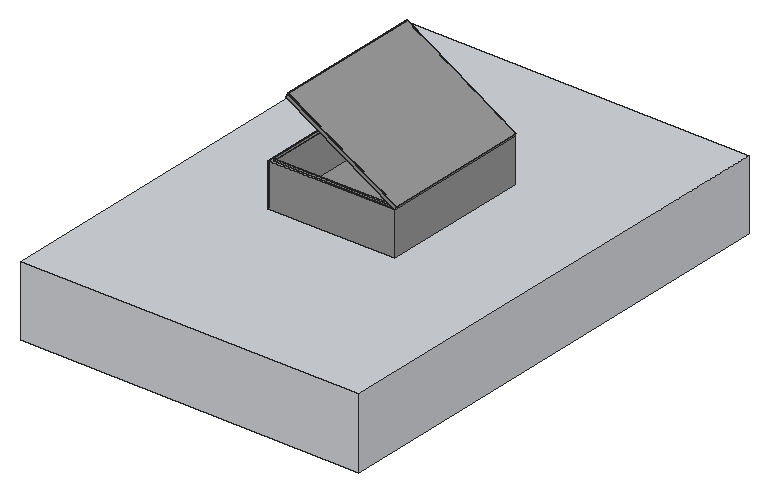
Revit family "Hager-Univers-IP44-D205-H650-Cl.II-Encl-FR-fr", category Equipement électrique, Revit 2020
Family settings
  Hôte = Face
  Configuration du panneau = Deux colonnes, circuits au sein
  Cote de connecteur circulaire = Utiliser le diamètre
  Type d'élément = Tableau de raccordement
  Couper avec des vides une fois chargée = Non
  Partagée = Non
  Point de calcul de pièce = Non
Parameters (values of type "saillie IP44 L550 H650 P205  - FP42QS")
  Width Control [instance] = if([EF000008 - largeur] > Min Width, [EF000008 - largeur], Min Width)  # 550 mm
  Commentaires du type = [HG000003 - Gamme]  # "Univers"
  Thickness Door [instance] = if([EF009171 - épaisseur de matériau de la porte/du couvercle] > 3 mm, 3 mm, [EF009171 - épaisseur de matériau de la porte/du couvercle])  # 1 mm
  Seal Frame Offset [instance] = 17 mm  # constant formula
  Plinth Visibility [instance] = [HG000027 - Hauteur du socle] > 0 mm  # no
  Model = ""
  Min Width [instance] = 100 mm  # constant formula
  Min Height [instance] = 100 mm  # constant formula
  Min Depth [instance] = (2 * [EF009170 - épaisseur de matériau du boîtier]) + 1 mm  # 3 mm
  Internal Frame Depth [instance] = (Door System Depth * 0.5)  # 9 mm
  Height Control [instance] = if([EF000040 - hauteur] > Min Height, [EF000040 - hauteur], Min Height)  # 650 mm
  HG000027 - Hauteur du socle = 0 mm
  HG000026 - Installation au sol = no
  HG000024 - Hauteur de la section basse = 800 mm
  HG000023 - Armoire double section = no
  HG000016 - Visibilité de la porte 3D [instance] = yes
  HG000015 - Visibilité de l'emprise de la porte [instance] = no
  HG000014 - Porte à droite [instance] = yes
  HG000013 - Porte à gauche [instance] = not([HG000014 - Porte à droite])  # no
  HG000012 - Angle de pivotement de la porte [instance] = 30.00°
  HG000010 - Portes asymétriques = no
  HG000009 - Porte à double battant = no
  HG000006 - Encastré = no
  HG000004 - Référence fabricant = "FP42QS"
  HG000003 - Gamme = "Univers"
  HG000002 - avec porte = yes
  Frame Offset Bottom [instance] = 10 mm  # constant formula
  Frame Offset [instance] = 15 mm  # constant formula
  EF015940 - couvercle avec décharge de pression = no
  EF011959 - degré de protection (NEMA) = ""
  EF009554 - nombre d'ouvertures pour plaques à bride = 4
  Fabricant = "Hager"  # constant formula
  EF009212 - finition du couvercle = "EV000116 - fermé"
  EF009171 - épaisseur de matériau de la porte/du couvercle = 1 mm
  EF009170 - épaisseur de matériau du boîtier = 1 mm
  EF008873 - courant nominal (In) = 250 A
  EF007800 - adapté à un parafoudre = no
  EF006306 - avec serrure = no
  EF006244 - couvercle/porte transparent(e) = no
  EF005474 - indice de protection (IP) = "EV006418 - IP44"
  EF004464 - type de porte = "EV002646 - unique"
  EF004427 - nombre de modules = 96
  EF004293 - indice de protection contre les chocs (IK) = "EV006815 - IK09"
  EF003532 - convient pour utilisation à l’extérieur = no
  EF002950 - largeur en nombre de modules = 24
  EF001613 - maintien de fonction = "EV000494 - sans"
  EF001596 - matériau du boîtier/corps = "EV000179 - acier"
  EF001131 - profondeur intérieure = 143 mm
  EF001088 - possibilité de montage en saillie = yes
  EF000437 - nombre d'entrées de conduit = 4
  EF000339 - type de capot = "EV001012 - couvercle"
  EF000266 - nombre de rangées = 4
  EF000218 - profondeur d'encastrement = 0 mm
  EF000118 - avec cadre/support de montage = no
  EF000116 - numéro RAL = "9010"
  EF000049 - profondeur = 205 mm
  EF000040 - hauteur = 650 mm
  EF000008 - largeur = 550 mm
  EF000007 - couleur = "EV000202 - blanc"
  EF000003 - mode de pose = "EV000384 - saillie"
  Door System Leaf Tolerance [instance] = 1.5 mm  # constant formula
  Door System Depth [instance] = 18 mm  # constant formula
  Door Height [instance] = Height Control - [HG000027 - Hauteur du socle]  # 650 mm
  Depth Control [instance] = if([EF000049 - profondeur] > Min Depth, [EF000049 - profondeur], Min Depth)  # 205 mm
  Default Elevation = 0 mm
  Connector Offset [instance] = Height Control / 2  # 325 mm
  Bottom Top Plate Trim [instance] = 1.5 mm  # constant formula
  Plinth height Ctrl [instance] = if([HG000027 - Hauteur du socle] > 0 mm, [HG000027 - Hauteur du socle], 12 mm)  # 12 mm
Types (2, lengths in mm): name | Width Control | HG000004 - Référence fabricant | EF009554 - nombre d'ouvertures pour plaques à bride | EF004427 - nombre de modules | EF002950 - largeur en nombre de modules | EF000437 - nombre d'entrées de conduit | EF000008 - largeur
  saillie IP44 L300 H650 P205  - FP41QS | 300 | "FP41QS" | 2 | 48 | 12 | 2 | 300
  saillie IP44 L550 H650 P205  - FP42QS | 550 | "FP42QS" | 4 | 96 | 24 | 4 | 550
Reference planes
  plane 1 "Center (Front/Back)": y = 0
  plane 2: z = 0
  plane 3 "Center (Left/Right)": x = 0
  plane 4: z = 205
  plane 5: y = 1
  plane 6: y = 325
  plane 7: y = 0
  plane 8: y = 650
  plane 9: z = 0
  plane 10: x = -260
  plane 11: x = 260
  plane 12: x = 259
  plane 13: x = -259
  plane 14: y = 649
  plane 15: x = -258
  plane 16: x = -275
  plane 17: x = 258
  plane 18: x = 275
  plane 19: x = 274
  plane 20: x = -274
  plane 21: y = 11
  plane 22: y = 650
  plane 23: y = 634
  plane 24: z = 187
  plane 25: z = 1
  plane 26: z = 186
  plane 27: z = 204
Forms (mm)
  Extrusion 1, solid
    sketch origin (0, 0, 0) x (1, 0, 0) y (0, 1, 0)
      loop
        line (-702.964, 1305) -> (-702.964, -811.445) -> (766.763, -811.445) -> (766.763, 1305) -> (-702.964, 1305)
    from 0 to -304.8
  Extrusion 2, solid, material "Hager_Steel_RAL7035_Light_Grey", visible <- "Plinth Visibility", detail levels medium+fine
    sketch origin (0, 0, 0) x (1, 0, 0) y (0, 1, 0)
      loop
        line (-275, 0) -> (275, 0) -> (275, 12) -> (-275, 12) -> (-275, 0)
    from 0 to 187
  Extrusion 3, solid, material "Hager_Steel_RAL7035_Light_Grey", detail levels medium+fine
    sketch origin (0, 0, 0) x (1, 0, 0) y (0, 1, 0)
      loop
        line (-275, 0) -> (275, 0) -> (275, 650) -> (-275, 650) -> (-275, 0)
    from 0 to 187
  Extrusion 4, void
    sketch origin (0, 0, 0) x (1, 0, 0) y (0, 1, 0)
      loop
        line (-274, 1) -> (274, 1) -> (274, 649) -> (-274, 649) -> (-274, 1)
    from 1 to 186
  Extrusion 5, void
    sketch origin (-381.607, -4572, 187) x (0, -1, 0) y (-1, 0, 0)
      loop
        line (-4583, -122.607) -> (-5206, -122.607) -> (-5206, -640.607) -> (-4583, -640.607) -> (-4583, -122.607)
    from 0 to 1 <- "EF009170 - épaisseur de matériau du boîtier"
  Extrusion 6, solid, material "Hager_Steel_RAL7035_Light_Grey", detail levels fine
    sketch origin (0, 0, 187) x (1, 0, 0) y (0, 1, 0)
      loop
        line (-259, 634) -> (-259, 11) -> (259, 11) -> (259, 634) -> (-259, 634)
      loop
        line (-260, 10) -> (260, 10) -> (260, 635) -> (-260, 635) -> (-260, 10)
    from 0 to 9 <- "Internal Frame Depth"
  Extrusion 7, solid, material "Hager_Steel_RAL7035_Light_Grey", detail levels coarse
    sketch origin (0, 0, 0) x (1, 0, 0) y (0, 1, 0)
      loop
        line (-275, 0) -> (275, 0) -> (275, 650) -> (-275, 650) -> (-275, 0)
    from 0 to 205
  Sweep 8, void
    path in 3D
      loop
        line (-275, 12, 0) -> (275, 12, 0) -> (275, 12, 187) -> (-275, 12, 187) -> (-275, 12, 0)
    profile origin (-275, 12, 93.5) x (-1, 0, 0) y (0, -1, 0)
      loop
        line (0, 0) -> (0, 1.5) -> (-1.5, 1.5)
        arc (-1.5, 1.5) -> (-1.061, 0.439) -> (0, 0) r 1.5
Cuts and joins
  Extrusion 4, Extrusion 5 cuts Extrusion 3
  Sweep 8 cuts Extrusion 2
Lines and regions (mm)
  Masking region 1
    outline origin (0, 0, 0) x (1, 0, 0) y (0, 0, 1)
      loop
        line (-275, 205) -> (-275, 0) -> (275, 0) -> (275, 205) -> (-275, 205)
  Masking region 2, detail levels medium+fine
    outline origin (0, 140, 0) x (0, 1, 0) y (0, 0, 1)
      loop
        line (-140, 0) -> (510, 0) -> (510, 187) -> (-140, 187) -> (-140, 0)
  Masking region 3, not visible, detail levels medium+fine
    outline origin (0, 297.922, 0) x (0, 1, 0) y (0, 0, 1)
      loop
        line (38.578, 0) -> (78.578, 0) -> (78.578, 194)
        arc (78.578, 194) -> (75.649, 201.071) -> (68.578, 204) r 10
        line (68.578, 204) -> (38.578, 204) -> (38.578, 0)
  Masking region 4, detail levels coarse
    outline origin (0, 0, 180) x (0, 1, 0) y (0, 0, 1)
      loop
        line (0, -180) -> (650, -180) -> (650, 25) -> (0, 25) -> (0, -180)
  Masking region 5, visible <- "Plinth Visibility", detail levels medium+fine
    outline origin (0, 52.24, 12.345) x (0, 0, -1) y (0, 1, 0)
      loop
        line (10.845, -40.24) -> (-173.155, -40.24)
        arc (-173.155, -40.24) -> (-173.594, -41.301) -> (-174.655, -41.74) r 1.5
        line (-174.655, -41.74) -> (-174.655, -52.24) -> (12.345, -52.24) -> (12.345, -41.74)
        arc (12.345, -41.74) -> (11.285, -41.301) -> (10.845, -40.24) r 1.5
  Masking region 6, detail levels medium+fine
    outline origin (-381.607, -4572, 187) x (-1, 0, 0) y (0, -1, 0)
      loop
        line (-106.607, -5222) -> (-106.607, -4572) -> (-656.607, -4572) -> (-656.607, -5222) -> (-106.607, -5222)
  Masking region 7, visible <- "Plinth Visibility", detail levels medium+fine
    outline origin (-381.607, -4727, 187) x (-1, 0, 0) y (0, -1, 0)
      loop
        arc (-108.107, -4739) -> (-107.668, -4737.939) -> (-106.607, -4737.5) r 1.5
        line (-106.607, -4737.5) -> (-106.607, -4727) -> (-656.607, -4727) -> (-656.607, -4737.5)
        arc (-656.607, -4737.5) -> (-655.546, -4737.939) -> (-655.107, -4739) r 1.5
        line (-655.107, -4739) -> (-108.107, -4739)
  Masking region 8, detail levels coarse
    outline origin (-442.548, -4669.526, 187) x (-1, 0, 0) y (0, -1, 0)
      loop
        line (-167.548, -5319.526) -> (-167.548, -4669.526) -> (-717.548, -4669.526) -> (-717.548, -5319.526) -> (-167.548, -5319.526)
  sketch lines
    curve 1: line (-275, 12, 187) -> (-275, 12, 0)
    curve 2: line (275, 12, 187) -> (-275, 12, 187)
    curve 3: line (275, 12, 187) -> (275, 12, 0)
    curve 4: line (-275, 12, 0) -> (275, 12, 0)
Dimensions and locks
  "Depth Control": plane 4 to Extrusion 1
  "HG000027 - Hauteur du socle": plane 1 "Center (Front/Back)" to plane 7
  "EF009170 - épaisseur de matériau du boîtier": plane 5 to plane 7
  locked: connector elem to plane 3 "Center (Left/Right)"
  equal spacing: plane 8, plane 6, plane 7
  locked: connector elem to plane 6
  "EF009170 - épaisseur de matériau du boîtier": plane 8 to plane 14
  "EF009170 - épaisseur de matériau du boîtier": plane 10 to plane 13
  "EF009170 - épaisseur de matériau du boîtier": plane 12 to plane 11
  "Frame Offset": plane 20 to plane 13
  "Frame Offset": plane 12 to plane 19
  "EF009170 - épaisseur de matériau du boîtier": plane 16 to plane 20
  "EF009170 - épaisseur de matériau du boîtier": plane 19 to plane 18
  "Seal Frame Offset": plane 16 to plane 15
  "Seal Frame Offset": plane 17 to plane 18
  "Frame Offset Bottom": plane 21 to plane 5
  "Frame Offset": plane 14 to plane 23
  equal spacing: plane 16, plane 3 "Center (Left/Right)", plane 18
  "Width Control": plane 16 to plane 18
  "EF009170 - épaisseur de matériau du boîtier": plane 4 to plane 27
  "EF009170 - épaisseur de matériau du boîtier": plane 24 to plane 26
  "EF009170 - épaisseur de matériau du boîtier": plane 25 to level
  "Door System Depth": plane 4 to plane 24
  "Height Control": plane 1 "Center (Front/Back)" to Extrusion 7 sketch curve
  "Height Control": Masking region 4 sketch curve to plane 1 "Center (Front/Back)"
  "Height Control": plane 1 "Center (Front/Back)" to plane 22
  "Bottom Top Plate Trim": profile plane to Sweep 8 sketch curve
  "Bottom Top Plate Trim": Sweep 8 sketch curve to profile plane
  "Plinth height Ctrl": plane 1 "Center (Front/Back)" to Extrusion 2 sketch curve
  "Plinth height Ctrl": Masking region 5 sketch curve to plane 1 "Center (Front/Back)"
  "Plinth height Ctrl": plane 1 "Center (Front/Back)" to Masking region 7 sketch curve
  "Thickness Door": Extrusion 6 sketch curve to Extrusion 6 sketch curve  (x3)
  "Thickness Door": cut or joined group of Extrusion 3, Extrusion 4, Extrusion 5 to Extrusion 6 sketch curve
  radius of Masking region 3 sketch curve = 10 mm
  "Bottom Top Plate Trim": radius of Masking region 5 sketch curve  (x2)
  "Bottom Top Plate Trim": radius of Sweep 8 sketch curve
  "Bottom Top Plate Trim": radius of Masking region 7 sketch curve  (x2)
  aligned and locked: plane 2 to Extrusion 1
  aligned and locked: level to Extrusion 1
  aligned and locked: level to Masking region 1 sketch curve
  aligned and locked: Masking region 1 sketch curve to plane 18
  aligned and locked: Masking region 1 sketch curve to plane 16
  aligned and locked: plane 7 to Masking region 2 sketch curve
  aligned and locked: level to Masking region 3 sketch curve
  aligned and locked: Masking region 3 sketch curve to plane 27
  aligned and locked: level to Masking region 2 sketch curve
  aligned and locked: plane 1 "Center (Front/Back)" to Extrusion 2 sketch curve
  aligned and locked: Extrusion 3 sketch curve to plane 7
  aligned and locked: plane 16 to Extrusion 3 sketch curve
  aligned and locked: plane 18 to Extrusion 3 sketch curve
  aligned and locked: plane 20 to Extrusion 4 sketch curve
  aligned and locked: plane 19 to Extrusion 4 sketch curve
  aligned and locked: Extrusion 4 sketch curve to plane 5
  aligned and locked: Extrusion 4 to plane 25
  aligned and locked: plane 26 to Extrusion 4
  aligned and locked: plane 24 to Extrusion 3
  aligned and locked: Extrusion 5 sketch curve to plane 21
  aligned and locked: Extrusion 5 sketch curve to plane 13
  aligned and locked: Extrusion 5 sketch curve to plane 12
  aligned and locked: plane 18 to Extrusion 7 sketch curve
  aligned and locked: plane 1 "Center (Front/Back)" to Extrusion 7 sketch curve
  aligned and locked: plane 16 to Extrusion 7 sketch curve
  aligned and locked: plane 4 to Extrusion 7
  aligned and locked: Extrusion 7 to level
  aligned and locked: level to Masking region 4 sketch curve
  aligned and locked: Masking region 4 sketch curve to plane 1 "Center (Front/Back)"
  aligned and locked: Masking region 4 sketch curve to plane 4
  aligned and locked: nested 1 to level
  aligned and locked: nested 1 to plane 16
  aligned and locked: plane 8 to Extrusion 3 sketch curve
  aligned and locked: plane 23 to Extrusion 5 sketch curve
  aligned and locked: plane 14 to Extrusion 4 sketch curve
  aligned and locked: Masking region 2 sketch curve to plane 8
  aligned and locked: level to Masking region 5 sketch curve
  aligned and locked: plane 16 to Extrusion 2 sketch curve
  aligned and locked: plane 18 to Extrusion 2 sketch curve
  aligned and locked: Masking region 5 sketch curve to plane 24
  aligned and locked: Masking region 2 sketch curve to plane 24
  aligned and locked: plane 24 to Extrusion 2
  aligned and locked: profile plane to Sweep 8 sketch curve  (x2)
  aligned and locked: Masking region 6 sketch curve to plane 18
  aligned and locked: Masking region 6 sketch curve to plane 22
  aligned and locked: Masking region 6 sketch curve to plane 16
  aligned and locked: plane 8 to plane 22
  aligned and locked: plane 7 to Masking region 6 sketch curve
  aligned and locked: Masking region 7 sketch curve to plane 16
  aligned and locked: Masking region 7 sketch curve to plane 1 "Center (Front/Back)"
  aligned and locked: Masking region 7 sketch curve to plane 18
  aligned and locked: Masking region 8 sketch curve to plane 1 "Center (Front/Back)"
  aligned and locked: Masking region 8 sketch curve to plane 18
  aligned and locked: Masking region 8 sketch curve to plane 22
  aligned and locked: Masking region 8 sketch curve to plane 16
  aligned and locked: nested 2 to plane 7
  aligned and locked: plane 3 "Center (Left/Right)" to nested 2
  aligned and locked: nested 2 to plane 24
  aligned and locked: Extrusion 6 sketch curve to cut or joined group of Extrusion 3, Extrusion 4, Extrusion 5  (x4)
Automatic sketch dimensions
  Extrusion 1 sketch curve to Extrusion 1 sketch curve = 1469.727 mm
  Extrusion 1 sketch curve to Extrusion 1 sketch curve = 2116.445 mm
  Masking region 1 sketch curve to plane 4 = 0 mm
  plane 6 to Masking region 3 sketch curve = 11.5 mm
  Masking region 3 sketch curve to Masking region 3 sketch curve = 30 mm
  Masking region 5 sketch curve to plane 1 "Center (Front/Back)" = 0 mm
Nested families
  nested 1: "Hager_Enclosure_Symbol" at (-275, 0, 0) x (1, 0, 0) z (0, -1, 0), Height <- "Depth Control", Width <- "Width Control", type "Hager_Enclosure_Symbol"
    with Width_Ctrl 550 mm, Width 550 mm, Height_Ctrl 205 mm, Height 205 mm, A_Width_Int 13.453 mm, A_Width 161.438 mm, A_Height_Ctrl 179.375 mm, A_Height 179.375 mm
  nested 2: "EC000058_Univers_Door" at (0, 0, 187) x (1, 0, 0) z (0, 1, 0), Leaf_Tolerance <- "Door System Leaf Tolerance", Angle <- "HG000012 - Angle de pivotement de la porte", Door_Depth <- "Door System Depth", Door_Left <- "HG000013 - Porte à gauche", Transparent <- "EF006244 - couvercle/porte transparent(e)", Assymetrical <- "HG000010 - Portes asymétriques", Width <- "Width Control", Clearance <- "HG000015 - Visibilité de l'emprise de la porte", Double <- "HG000009 - Porte à double battant", 3d_Door <- "HG000016 - Visibilité de la porte 3D", Lock_Visibility <- "EF006306 - avec serrure", Width_Ctrl <- "Width Control", Door_Right <- "HG000014 - Porte à droite", Door <- "HG000002 - avec porte", Height <- "Door Height", Thickness <- "Thickness Door", type "EC000058_Univers_Door", detail levels medium+fine
    with min_wh 3 mm, Width_Ctrl 550 mm, Width 550 mm, Transparent no, Thickness 1 mm, Seal_Material Hager_Rubber, Lock_Visibility no, Lock_Material Hager_Plastic_RAL9005_Jet_Black, Leaf_Width 550 mm, Leaf_Tolerance_External_Sides 0 mm, Leaf_Tolerance 1.5 mm, Leaf_Offset 0 mm, Leaf_Height 647 mm, Leaf_2_Width 550 mm, Leaf_2_Offset 275 mm, Leaf_1_Width 550 mm, Leaf_1_Offset 275 mm, Height_Ctrl 650 mm, Height 650 mm, Glass_Material Hager_Glass, Double_Clearance_Ctrl no, Double no, Door_Right_Ctrl yes, Door_Right yes, Door_Material Hager_Steel_RAL7035_Light_Grey, Door_Left_Ctrl no, Door_Left no, Door_Depth 18 mm, Door yes, Clearance_Material Hager_Clearance, Clearance_Depth 550 mm, Clearance_Ctrl no, Clearance no, Assymetrical no, Angle 30.00°, 3d_Door yes
Connectors
  electrical at (0, 325, 0)
    settings: on plane 9, index 1, voltage 0 V, apparent load 0 VA, apparent load phase1 0 VA, apparent load phase2 0 VA, apparent load phase3 0 VA, power factor 1, load classification "Other", number of poles 1, system type 30, power factor state 1, is connector primary yes, connector utility no, sub classification motor no, connector description ""
Definition of nested family "EC000058_Univers_Door"
  Parameters (values of type "EC000058_Univers_Door")
    min_wh [instance] = (2 * Thickness) + 1 mm  # 11 mm
    Width_Ctrl [instance] = 400 mm
    Width [instance] = 500 mm
    Transparent [instance] = yes
    Thickness [instance] = 5 mm
    Seal_Material [instance] = none
    Lock_Visibility [instance] = yes
    Lock_Material [instance] = none
    Leaf_Width [instance] = if((Width_Ctrl - 2 * Leaf_Tolerance_External_Sides) > 0 mm, (Width_Ctrl - 2 * Leaf_Tolerance_External_Sides), min_wh)  # 400 mm
    Leaf_Tolerance_External_Sides [instance] = 0 mm  # constant formula
    Leaf_Tolerance [instance] = 1.5 mm
    Leaf_Offset [instance] = 0 mm  # constant formula
    Leaf_Height [instance] = if((Height_Ctrl - 2 * Leaf_Tolerance) > 0 mm, (Height_Ctrl - 2 * Leaf_Tolerance), min_wh)  # 497 mm
    Leaf_2_Width [instance] = if(and(and(Double, Assymetrical), Door_Left), (Leaf_Width / 3) - (Leaf_Tolerance / 2), if(and(and(Double, Assymetrical), Door_Right), (Leaf_Width / 3) * 2 - (Leaf_Tolerance / 2), if(and(Double, not(Assymetrical)), (Leaf_Width / 2) - Leaf_Tolerance, Leaf_Width)))  # 400 mm
    Leaf_2_Offset [instance] = if(and(Double, Assymetrical), Leaf_2_Width / 2, if(and(Double, not(Assymetrical)), Leaf_Width / 4, Leaf_Width / 2))  # 200 mm
    Leaf_1_Width [instance] = if(and(and(Double, Assymetrical), Door_Right), (Leaf_Width / 3) - (Leaf_Tolerance / 2), if(and(and(Double, Assymetrical), Door_Left), (Width / 3) * 2 - (Leaf_Tolerance / 2), if(and(Double, not(Assymetrical)), (Leaf_Width / 2) - Leaf_Tolerance, Leaf_Width)))  # 400 mm
    Leaf_1_Offset [instance] = if(and(Double, Assymetrical), Leaf_1_Width / 2, if(and(Double, not(Assymetrical)), Leaf_Width / 4, Leaf_Width / 2))  # 200 mm
    Height_Ctrl [instance] = if(Height > min_wh, Height, min_wh)  # 500 mm
    Height [instance] = 500 mm
    Glass_Material [instance] = none
    Double_Clearance_Ctrl [instance] = and(Double, Clearance)  # no
    Double [instance] = no
    Door_Right_Ctrl [instance] = and(or(Door_Right, Double), Door)  # yes
    Door_Right [instance] = yes
    Door_Material [instance] = none
    Door_Left_Ctrl [instance] = and(or(Door_Left, Double), Door)  # no
    Door_Left [instance] = no
    Door_Depth [instance] = 30 mm
    Door [instance] = yes
    Default Elevation = 1219.2 mm
    Clearance_Material [instance] = none
    Clearance_Depth [instance] = if(Leaf_1_Width > Leaf_2_Width, Leaf_1_Width, Leaf_2_Width)  # 400 mm
    Clearance_Ctrl [instance] = and(not(Double), Clearance)  # yes
    Clearance [instance] = yes
    Assymetrical [instance] = yes
    Angle [instance] = 30.00°
    3d_Door [instance] = yes
  Reference planes
    plane 1 "Center (Front/Back)": y = 0
    plane 2 "Bottom": z = 0
    plane 3 "Center (Left/Right)": x = 0
    plane 4: z = 500
    plane 5: x = -200
    plane 6: x = 200
    plane 7: z = 500
    plane 8: x = -200
    plane 9: z = 0
    plane 10: x = 200
    plane 11: y = 0
    plane 12: z = 1.5
    plane 13: x = -600
    plane 14: y = -400
    plane 15: x = 600
    plane 16: x = 0
    plane 17: x = 0
    plane 18: x = -200
    plane 19: x = 200
    plane 20: z = 498.5
  Forms (mm)
    Extrusion 1, solid, material <- "Clearance_Material", visible <- "Double_Clearance_Ctrl"
      sketch origin (1200, 0, 0) x (1, 0, 0) y (0, 0, -1)
        loop
          line (-1800, -498.5) -> (-600, -498.5) -> (-600, 0) -> (-1800, 0) -> (-1800, -498.5)
      from 0 to -400
  Dimensions and locks
    equal spacing: plane 5, plane 3 "Center (Left/Right)", plane 6
    "Width_Ctrl": plane 5 to plane 6
    "Leaf_Offset": plane 5 to plane 8
    "Leaf_Offset": plane 6 to plane 10
    "Leaf_Offset": plane 9 to level
    "Leaf_Offset": plane 4 to plane 7
    "Height_Ctrl": plane 4 to level
    "Leaf_Tolerance": plane 12 to plane 9
    locked: plane 11 to plane 1 "Center (Front/Back)"
    "Leaf_1_Offset": plane 18 to plane 16
    "Leaf_2_Offset": plane 17 to plane 19
    "Leaf_1_Width": plane 13 to plane 8
    "Leaf_2_Width": plane 10 to plane 15
    "Clearance_Depth": plane 14 to plane 1 "Center (Front/Back)"
    "Leaf_Tolerance_External_Sides": plane 8 to plane 18
    "Leaf_Tolerance_External_Sides": plane 19 to plane 10
    "Leaf_Tolerance": plane 7 to plane 20
    aligned and locked: level to plane 2 "Bottom"
    aligned and locked: nested 1 to plane 16
    aligned and locked: nested 2 to plane 17
    aligned and locked: Extrusion 1 to plane 13
    aligned and locked: plane 15 to Extrusion 1
    aligned and locked: Extrusion 1 to plane 14
    aligned and locked: plane 12 to nested 1
    aligned and locked: nested 2 to plane 12
    aligned and locked: Extrusion 1 to plane 11
    aligned and locked: plane 20 to Extrusion 1
    aligned and locked: nested 2 to plane 11
    aligned and locked: nested 1 to plane 11
  Automatic sketch dimensions
    Extrusion 1 sketch curve to level = 0 mm
    plane 5 to Extrusion 1 sketch curve = 400 mm
    plane 6 to Extrusion 1 sketch curve = 400 mm
    Extrusion 1 sketch curve to plane 4 = 1.5 mm
  Nested families
    nested 1: "EC000058_Univers_Door_Leaf" at (0, 0, 1.5), Width <- "Leaf_1_Width", visible <- "Door_Left_Ctrl", Leaf_Height <- "Leaf_Height", Angle <- "Angle", 3d_Door <- "3d_Door", Transparent <- "Transparent", Clearance Material <- "Clearance_Material", Clearance <- "Clearance_Ctrl", Door_Material <- "Door_Material", Glass_Material <- "Glass_Material", Door_Depth <- "Door_Depth", Lock_Material <- "Lock_Material", Seal_Material <- "Seal_Material", Lock_Visibility <- "Lock_Visibility", Thickness <- "Thickness", type "EC000058_Univers_Door_Leaf"
      with Width 400 mm, Transparent_Glass_Offset 30 mm, Transparent_Ctrl yes, Transparent yes, Thickness 5 mm, Standard no, Seal_Material none, Seal_D2 8 mm, Seal_D1 1 mm, Offset_Internal_Frame 10 mm, Lock_Width 20 mm, Lock_Visibility_3d yes, Lock_Visibility yes, Lock_Thickness_3 3 mm, Lock_Thickness_2 1 mm, Lock_Thickness_1 3 mm, Lock_Radius_Offset_2 16 mm, Lock_Radius_Offset_1 15 mm, Lock_Radius_2 5 mm, Lock_Radius 6 mm, Lock_Offset 5 mm, Lock_Material none, Lock_Height 80 mm, Lock_Cover_Top_Offset_2d 17 mm, Lock_Cover_Height -65 mm, Leaf_Height 497 mm, Internal_Seal_Thickness 8 mm, Internal_Seal_Depth_2 4.5 mm, Internal_Frame_Depth 25 mm, Glass_Thickness -1 mm, Glass_Offset -2 mm, Glass_Material none, Door_Material none, Door_Depth 30 mm, Clearance Material none, Clearance yes, Angle_Ctrl 30.00°, Angle 30.00°, 3d_Door yes
    nested 2: "EC000058_Univers_Door_Leaf" at (0, 0, 1.5) x (-1, 0, 0) z (0, 0, 1), Width <- "Leaf_2_Width", visible <- "Door_Right_Ctrl", Leaf_Height <- "Leaf_Height", Angle <- "Angle", 3d_Door <- "3d_Door", Transparent <- "Transparent", Clearance Material <- "Clearance_Material", Clearance <- "Clearance_Ctrl", Door_Material <- "Door_Material", Glass_Material <- "Glass_Material", Door_Depth <- "Door_Depth", Lock_Material <- "Lock_Material", Seal_Material <- "Seal_Material", Lock_Visibility <- "Lock_Visibility", Thickness <- "Thickness", type "EC000058_Univers_Door_Leaf"
      with Width 400 mm, Transparent_Glass_Offset 30 mm, Transparent_Ctrl yes, Transparent yes, Thickness 5 mm, Standard no, Seal_Material none, Seal_D2 8 mm, Seal_D1 1 mm, Offset_Internal_Frame 10 mm, Lock_Width 20 mm, Lock_Visibility_3d yes, Lock_Visibility yes, Lock_Thickness_3 3 mm, Lock_Thickness_2 1 mm, Lock_Thickness_1 3 mm, Lock_Radius_Offset_2 16 mm, Lock_Radius_Offset_1 15 mm, Lock_Radius_2 5 mm, Lock_Radius 6 mm, Lock_Offset 5 mm, Lock_Material none, Lock_Height 80 mm, Lock_Cover_Top_Offset_2d 17 mm, Lock_Cover_Height -65 mm, Leaf_Height 497 mm, Internal_Seal_Thickness 8 mm, Internal_Seal_Depth_2 4.5 mm, Internal_Frame_Depth 25 mm, Glass_Thickness -1 mm, Glass_Offset -2 mm, Glass_Material none, Door_Material none, Door_Depth 30 mm, Clearance Material none, Clearance yes, Angle_Ctrl 30.00°, Angle 30.00°, 3d_Door yes
  Definition of nested family "EC000058_Univers_Door_Leaf"
    Parameters (values of type "EC000058_Univers_Door_Leaf")
      Width [instance] = 2000 mm
      Transparent_Glass_Offset [instance] = 30 mm
      Transparent_Ctrl [instance] = and(Transparent, [3d_Door])  # yes
      Transparent [instance] = yes
      Thickness [instance] = 5 mm
      Standard [instance] = and(not(Transparent), [3d_Door])  # no
      Seal_Material [instance] = none
      Seal_D2 [instance] = 8 mm  # constant formula
      Seal_D1 [instance] = 1 mm  # constant formula
      Offset_Internal_Frame [instance] = 10 mm  # constant formula
      Lock_Width [instance] = 20 mm  # constant formula
      Lock_Visibility_3d [instance] = and(Lock_Visibility, [3d_Door])  # yes
      Lock_Visibility [instance] = yes
      Lock_Thickness_3 [instance] = 3 mm  # constant formula
      Lock_Thickness_2 [instance] = 1 mm  # constant formula
      Lock_Thickness_1 [instance] = 3 mm  # constant formula
      Lock_Radius_Offset_2 [instance] = Lock_Radius_Offset_1 + 1 mm  # 16 mm
      Lock_Radius_Offset_1 [instance] = 15 mm  # constant formula
      Lock_Radius_2 [instance] = Lock_Radius - 1 mm  # 5 mm
      Lock_Radius [instance] = 6 mm  # constant formula
      Lock_Offset [instance] = 5 mm  # constant formula
      Lock_Material [instance] = none
      Lock_Height [instance] = 80 mm  # constant formula
      Lock_Cover_Top_Offset_2d [instance] = Lock_Radius_Offset_2 + 1 mm  # 17 mm
      Lock_Cover_Height [instance] = -(Lock_Height - Lock_Radius_Offset_1)  # -65 mm
      Leaf_Height [instance] = 2720.336 mm
      Internal_Seal_Thickness [instance] = 8 mm  # constant formula
      Internal_Seal_Depth_2 [instance] = 4.5 mm  # constant formula
      Internal_Frame_Depth [instance] = if(Door_Depth - Thickness > 5 mm, Door_Depth - Thickness, 5 mm)  # 25 mm
      Glass_Thickness [instance] = if(Thickness > 15 mm, Glass_Offset + 10 mm, -1 mm)  # -1 mm
      Glass_Offset [instance] = if(Thickness > 15 mm, -(Thickness + 10 mm) / 2, -2 mm)  # -2 mm
      Glass_Material [instance] = none
      Door_Material [instance] = none
      Door_Depth [instance] = 30 mm
      Default Elevation = 0 mm
      Clearance Material [instance] = none
      Clearance [instance] = yes
      Angle_Ctrl [instance] = if(Angle > 180.00°, 180.00°, Angle)  # 90.00°
      Angle [instance] = 90.00°
      3d_Door [instance] = yes
    Reference planes
      plane 1 "Center (Front/Back)": y = 0
      plane 2: z = 0
      plane 3 "Center (Left/Right)": x = 0
      plane 4: y = 2000
      plane 5: x = -1000
      plane 6: x = 1000
      plane 7: x = -3000
      plane 8: z = 2720.336
      plane 9: z = 30
      plane 10: z = 2690.336
      plane 11: x = 970
      plane 12: x = -970
      plane 13: y = -3
      plane 14: z = 107.833
      plane 15: y = -5
      plane 16: y = -223.314
      plane 17: x = -1000
      plane 18: z = 1360.168
      plane 19: y = 30
    Forms (mm)
      Extrusion 1, solid, material <- "Clearance Material", visible <- "Clearance"
        sketch origin (0, 0, 0) x (1, 0, 0) y (0, 0, 1)
          loop
            line (-3000, 2720.336) -> (-3000, 0) -> (1000, 0) -> (1000, 2720.336) -> (-3000, 2720.336)
        from 0 to -2000
      Extrusion 2, solid, material <- "Door_Material", visible <- "Standard", detail levels medium+fine
        sketch origin (-1000, 0, 0) x (0, 1, 0) y (-1, 0, 0)
          loop
            line (0, 30) -> (0, 25) -> (2000, 25) -> (2000, 30) -> (0, 30)
        from 0 to 2720.336 <- "Leaf_Height"
      Extrusion 3, solid, material <- "Door_Material", visible <- "Transparent_Ctrl", detail levels medium+fine
        sketch origin (-1000, 0, 0) x (0, 1, 0) y (-1, 0, 0)
          loop
            line (0, 25) -> (2000, 25) -> (2000, 30) -> (0, 30) -> (0, 25)
        from 0 to 2720.336 <- "Leaf_Height"
      Extrusion 4, void
        sketch origin (-1025, 2000, 0) x (0, 1, 0) y (0, 0, -1)
          loop
            line (-30, -2690.336) -> (-30, -30) -> (-1970, -30) -> (-1970, -2690.336) -> (-30, -2690.336)
        from 0 to 5 <- "Thickness"
      Sweep 5, solid, material <- "Seal_Material", visible <- "Transparent_Ctrl", detail levels fine
        path in 3D
          loop
            line (-1025, 30, 30) -> (-1025, 30, 2690.336) -> (-1025, 1970, 2690.336) -> (-1025, 1970, 30) -> (-1025, 30, 30)
        profile origin (-1025, 1000, 30) x (1, 0, 0) y (0, 0, 1)
          loop
            line (0, 0) -> (0, -8) -> (1, -8) -> (1, 0) -> (0, 0)
      Extrusion 6, solid, material <- "Glass_Material", visible <- "Transparent_Ctrl", detail levels medium+fine
        sketch origin (-1030, 0, 0) x (0, 1, 0) y (0, 0, -1)
          loop
            line (1970, -2690.336) -> (1970, -30) -> (30, -30) -> (30, -2690.336) -> (1970, -2690.336)
        from -2 <- "Glass_Offset" to -1 <- "Glass_Thickness"
      Extrusion 7, solid, material <- "Door_Material", visible <- "3d_Door", detail levels medium+fine
        sketch origin (-1025, 2000, 0) x (0, -1, 0) y (0, 0, -1)
          loop
            line (0, -2720.336) -> (2000, -2720.336) -> (2000, 0) -> (0, 0) -> (0, -2720.336)
          loop
            line (1995, -5) -> (5, -5) -> (5, -2715.336) -> (1995, -2715.336) -> (1995, -5)
        from 0 to 25 <- "Internal_Frame_Depth"
      Sweep 8, solid, material <- "Seal_Material", visible <- "Transparent_Ctrl", detail levels fine
        path in 3D
          loop
            line (-1025, 0, 0) -> (-1025, 2000, 0) -> (-1025, 2000, 2720.336) -> (-1025, 0, 2720.336) -> (-1025, 0, 0)
        profile origin (-1025, 0, 1360.168) x (1, 0, 0) y (0, 1, 0)
          loop
            line (0, 10) -> (2.975, 10)
            arc (2.975, 10) -> (4.053, 10.447) -> (4.5, 11.525) r 1.525
            line (4.5, 11.525) -> (4.5, 16.527)
            arc (4.5, 16.527) -> (4.069, 17.569) -> (3.027, 18) r 1.473
            line (3.027, 18) -> (0, 18) -> (0, 10)
      Extrusion 9, solid, material <- "Lock_Material", visible <- "Lock_Visibility_3d", detail levels fine
        sketch origin (-1030, 0, 0) x (0, 1, 0) y (0, 0, -1)
          loop
            arc (1993.5, -1400.168) -> (1994.561, -1399.729) -> (1995, -1398.668) r 1.5
            line (1995, -1398.668) -> (1995, -1320.168) -> (1975, -1320.168) -> (1975, -1398.668)
            arc (1975, -1398.668) -> (1975.439, -1399.729) -> (1976.5, -1400.168) r 1.5
            line (1976.5, -1400.168) -> (1993.5, -1400.168)
        from 3 <- "Lock_Thickness_1" to 0
      Blend 10, solid, material <- "Lock_Material", visible <- "Lock_Visibility_3d", detail levels fine
        base sketch origin (-1033, 0, 0) x (0, 1, 0) y (0, 0, -1)
          loop
            line (1975, -1320.168) -> (1975, -1398.668)
            arc (1975, -1398.668) -> (1975.439, -1399.729) -> (1976.5, -1400.168) r 1.5
            line (1976.5, -1400.168) -> (1993.5, -1400.168)
            arc (1993.5, -1400.168) -> (1994.561, -1399.729) -> (1995, -1398.668) r 1.5
            line (1995, -1398.668) -> (1995, -1320.168) -> (1975, -1320.168)
        top sketch origin (-1033, 0, 0) x (0, 1, 0) y (0, 0, -1)
          loop
            line (1976, -1320.168) -> (1976, -1398.668)
            arc (1976, -1398.668) -> (1976.146, -1399.022) -> (1976.5, -1399.168) r 0.5
            line (1976.5, -1399.168) -> (1993.5, -1399.168)
            arc (1993.5, -1399.168) -> (1993.854, -1399.022) -> (1994, -1398.668) r 0.5
            line (1994, -1398.668) -> (1994, -1320.168) -> (1976, -1320.168)
        from 0 to 1 <- "Lock_Thickness_2"
      Blend 11, solid, material <- "Lock_Material", visible <- "Lock_Visibility_3d", detail levels fine
        base sketch origin (-1034, 0, 0) x (0, 1, 0) y (0, 0, -1)
          loop
            line (1978, -1320.168) -> (1978, -1384.168)
            arc (1978, -1384.168) -> (1985, -1391.168) -> (1992, -1384.168) r 7
            line (1992, -1384.168) -> (1992, -1320.168) -> (1978, -1320.168)
        top sketch origin (-1034, 0, 0) x (0, 1, 0) y (0, 0, -1)
          loop
            line (1991, -1320.168) -> (1979, -1320.168) -> (1979, -1383.168)
            arc (1979, -1383.168) -> (1985, -1389.168) -> (1991, -1383.168) r 6
            line (1991, -1383.168) -> (1991, -1320.168)
        from 0 to 3 <- "Lock_Thickness_3"
      Extrusion 12, solid, material <- "Lock_Material", visible <- "Lock_Visibility_3d", detail levels fine
        sketch origin (-1030, 1975, 1320.168) x (1, 0, 0) y (0, -1, 0)
          loop
            line (-7, -19) -> (-7, -1) -> (0, -1) -> (0, 0) -> (-8, 0) -> (-8, -20) -> (0, -20) -> (0, -19) -> (-7, -19)
        from 0 to -65 <- "Lock_Cover_Height"
      Extrusion 13, void
        sketch origin (-1038, 1995, 1320.168) x (-1, 0, 0) y (0, 0, -1)
          loop
            line (-5, -65) -> (0, -65) -> (-5, -60) -> (-5, -65)
        from 0 to 20 <- "Lock_Width"
      Extrusion 14, void
        sketch origin (-1038, 1975, 1320.168) x (0, -1, 0) y (0, 0, -1)
          loop
            circle (-10, -15.995) r 6
          loop
            circle (-10, -15.995) r 5
        from 0 to 2
      Extrusion 15, solid, material <- "Lock_Material", visible <- "Lock_Visibility_3d", detail levels medium
        sketch origin (-1030, 0, 0) x (0, 1, 0) y (0, 0, -1)
          loop
            arc (1993.5, -1400.168) -> (1994.561, -1399.729) -> (1995, -1398.668) r 1.5
            line (1995, -1398.668) -> (1995, -1320.168) -> (1975, -1320.168) -> (1975, -1398.668)
            arc (1975, -1398.668) -> (1975.439, -1399.729) -> (1976.5, -1400.168) r 1.5
            line (1976.5, -1400.168) -> (1993.5, -1400.168)
        from 8 to 0
    Cuts and joins
      Extrusion 4 cuts Extrusion 3
      Extrusion 13, Extrusion 14 cuts Extrusion 9
      Extrusion 14 cuts Blend 11
      Extrusion 13, Extrusion 14 cuts Extrusion 12
      joined: Extrusion 9, Blend 10, Blend 11, Extrusion 12
      Extrusion 14 cuts Extrusion 15
    Lines and regions (mm)
      Masking region 1, visible <- "Lock_Visibility", detail levels fine
        outline origin (0, 0, 0) x (0, 1, 0) y (0, 0, 1)
          loop
            line (30, 1320.168) -> (33, 1320.168) -> (33, 1400.168) -> (30, 1400.168) -> (30, 1320.168)
      Masking region 2, visible <- "Lock_Visibility", detail levels fine
        outline origin (0, 3.143, 0) x (0, 1, 0) y (0, 0, 1)
          loop
            line (29.857, 1354.168) -> (30.857, 1354.168) -> (30.857, 1366.168) -> (29.857, 1366.168) -> (29.857, 1354.168)
      Masking region 3, detail levels medium+fine
        outline origin (0, 0, 0) x (0, 1, 0) y (0, 0, 1)
          loop
            line (0, 0) -> (30, 0) -> (30, 2720.336) -> (0, 2720.336) -> (0, 0)
      Masking region 4, detail levels medium+fine
        outline origin (0, 0, 0) x (1, 0, 0) y (0, 0, 1)
          loop
            line (-1000, 2720.336) -> (-1000, 0) -> (1000, 0) -> (1000, 2720.336) -> (-1000, 2720.336)
      Masking region 5, visible <- "Lock_Visibility", detail levels fine
        outline origin (-47.116, 0, 0) x (1, 0, 0) y (0, 0, 1)
          loop
            arc (1024.616, 1399.168) -> (1023.556, 1398.729) -> (1023.116, 1397.668) r 1.5
            line (1023.116, 1397.668) -> (1023.116, 1320.168) -> (1041.116, 1320.168) -> (1041.116, 1397.668)
            arc (1041.116, 1397.668) -> (1040.677, 1398.729) -> (1039.616, 1399.168) r 1.5
            line (1039.616, 1399.168) -> (1024.616, 1399.168)
      Masking region 6, visible <- "Lock_Visibility", detail levels medium+fine
        outline origin (-25, 0, 0) x (1, 0, 0) y (0, 0, 1)
          loop
            arc (1001.5, 1400.168) -> (1000.439, 1399.729) -> (1000, 1398.668) r 1.5
            line (1000, 1398.668) -> (1000, 1320.168) -> (1020, 1320.168) -> (1020, 1398.668)
            arc (1020, 1398.668) -> (1019.561, 1399.729) -> (1018.5, 1400.168) r 1.5
            line (1018.5, 1400.168) -> (1001.5, 1400.168)
      Masking region 7, visible <- "Lock_Visibility", detail levels fine
        outline origin (-73.735, 0, 0) x (1, 0, 0) y (0, 0, 1)
          loop
            line (1051.735, 1382.168) -> (1065.735, 1382.168) -> (1065.735, 1384.168)
            arc (1065.735, 1384.168) -> (1058.735, 1391.168) -> (1051.735, 1384.168) r 7
            line (1051.735, 1384.168) -> (1051.735, 1382.168)
      Masking region 8, visible <- "Lock_Visibility", detail levels fine
        outline origin (-73.735, 0, 0) x (1, 0, 0) y (0, 0, 1)
          loop
            line (1052.735, 1382.168) -> (1064.735, 1382.168) -> (1064.735, 1383.168)
            arc (1064.735, 1383.168) -> (1058.735, 1389.168) -> (1052.735, 1383.168) r 6
            line (1052.735, 1383.168) -> (1052.735, 1382.168)
      Masking region 9, visible <- "Lock_Visibility", detail levels fine
        outline origin (-25, 0, 0) x (1, 0, 0) y (0, 0, 1)
          loop
            line (1020, 1320.168) -> (1020, 1382.168) -> (1000, 1382.168) -> (1000, 1320.168) -> (1020, 1320.168)
      Masking region 10, detail levels medium+fine
        outline origin (0, 0, 0) x (1, 0, 0) y (0, 0, 1)
          loop
            circle (985, 1335.144) r 6
      Masking region 11, detail levels fine
        outline origin (0, 0, 0) x (1, 0, 0) y (0, 0, 1)
          loop
            circle (985, 1335.144) r 5
      Masking region 12, visible <- "Lock_Visibility", detail levels fine
        outline origin (0, 12.767, 0) x (0, 1, 0) y (0, 0, 1)
          loop
            line (20.233, 1320.168) -> (21.233, 1320.168) -> (21.233, 1399.168) -> (20.233, 1400.168) -> (20.233, 1320.168)
      Masking region 13, visible <- "Lock_Visibility", detail levels fine
        outline origin (0, 13.767, -10) x (0, 1, 0) y (0, 0, 1)
          loop
            line (20.233, 1330.168) -> (23.233, 1330.168) -> (23.233, 1399.168) -> (20.233, 1402.168) -> (20.233, 1330.168)
      Masking region 14, visible <- "Lock_Visibility", detail levels fine
        outline origin (0, 12.767, -10) x (0, 1, 0) y (0, 0, 1)
          loop
            line (20.233, 1330.168) -> (25.233, 1330.168) -> (25.233, 1399.305) -> (20.233, 1394.305) -> (20.233, 1330.168)
      Masking region 15, visible <- "Lock_Visibility", detail levels medium
        outline origin (0, 0, 0) x (0, 1, 0) y (0, 0, 1)
          loop
            line (30, 1320.168) -> (38, 1320.168) -> (38, 1400.168) -> (30, 1400.168) -> (30, 1320.168)
      Masking region 16, visible <- "Lock_Visibility", detail levels fine
        outline origin (-1000, 0, 0) x (0, 1, 0) y (-1, 0, 0)
          loop
            line (1975, 30) -> (1995, 30) -> (1995, 38) -> (1975, 38) -> (1975, 30)
          loop
            line (1979, 37) -> (1976, 37) -> (1976, 34) -> (1978, 34) -> (1979, 37)
          loop
            line (1994, 37) -> (1991, 37) -> (1992, 34) -> (1994, 34) -> (1994, 37)
      Masking region 17, visible <- "Lock_Visibility", detail levels medium
        outline origin (-1000, 0, 0) x (0, 1, 0) y (-1, 0, 0)
          loop
            line (1975, 30) -> (1995, 30) -> (1995, 38) -> (1975, 38) -> (1975, 30)
      symbolic lines
        curve 1: line (1000, 0, 0) -> (-3000, 0, 0)
        curve 2: arc (1000, 0, 0) -> (-1000, 2000, 0) -> (-3000, 0, 0) r 2000
        curve 4: line (-1030, 0, 0) -> (-1030, 2000, 0)
      reference lines
        curve 3: line (-1000, 0, 0) -> (-1000, 2000, 0)
      symbolic lines, detail levels medium+fine
        curve 5: line (-1030, 2000, 0) -> (-1025, 2000, 0)
        curve 7: line (-1025, 0, 0) -> (-1030, 0, 0)
        curve 8: line (-1025, 0, 0) -> (-1000, 0, 0)
        curve 9: line (-1000, 0, 0) -> (-1000, 2000, 0)
        curve 10: line (-1000, 2000, 0) -> (-1025, 2000, 0)
      symbolic lines, detail levels fine
        curve 6: line (-1025, 2000, 0) -> (-1025, 0, 0)
      sketch lines
        curve 11: line (-1025, 0, 2720.336) -> (-1025, 0, 0)
        curve 12: line (-1025, 2000, 0) -> (-1025, 0, 0)
        curve 13: line (-1025, 2000, 2720.336) -> (-1025, 2000, 0)
        curve 14: line (-1025, 0, 2720.336) -> (-1025, 2000, 2720.336)
        curve 15: line (-1025, 1970, 30) -> (-1025, 30, 30)
        curve 16: line (-1025, 30, 30) -> (-1025, 30, 2690.336)
        curve 17: line (-1025, 1970, 2690.336) -> (-1025, 1970, 30)
        curve 18: line (-1025, 30, 2690.336) -> (-1025, 1970, 2690.336)
      symbolic lines, visible <- "Transparent", detail levels medium+fine
        curve 19: line (-970, 0, 2690.336) -> (970, 0, 2690.336)
        curve 20: line (-970, 0, 30) -> (-970, 0, 2690.336)
        curve 21: line (970, 0, 30) -> (-970, 0, 30)
        curve 22: line (970, 0, 2690.336) -> (970, 0, 30)
    Dimensions and locks
      "Width": plane 1 "Center (Front/Back)" to plane 4
      equal spacing: plane 5, plane 3 "Center (Left/Right)", plane 6
      "Width": plane 5 to plane 6
      "Width": plane 7 to plane 5
      "Leaf_Height": plane 8 to level
      "Width": curve 5 to curve 3
      "Width": curve 3 to curve 3
      plane 8 to plane 10 = 30 mm
      plane 9 to level = 30 mm
      plane 12 to plane 5 = 30 mm
      plane 6 to plane 11 = 30 mm
      Extrusion 1 to Extrusion 4 sketch curve = 30 mm
      "Transparent_Glass_Offset": curve 3 to Extrusion 4 sketch curve
      "Transparent_Glass_Offset": Extrusion 4 sketch curve to cut or joined group of Extrusion 3, Extrusion 4  (x2)
      cut or joined group of Extrusion 3, Extrusion 4 to Extrusion 6 sketch curve = 30 mm
      "Transparent_Glass_Offset": cut or joined group of Extrusion 3, Extrusion 4 to Extrusion 4 sketch curve
      "Thickness": curve 6 to curve 4
      "Thickness": Extrusion 7 sketch curve to Extrusion 7 sketch curve  (x4)
      "Door_Depth": curve 4 to curve 3
      "Offset_Internal_Frame": profile plane to Sweep 8 sketch curve
      "Internal_Seal_Thickness": Sweep 8 sketch curve to Sweep 8 sketch curve
      "Internal_Seal_Depth_2": profile plane to Sweep 8 sketch curve
      "Seal_D1": profile plane to Sweep 5 sketch curve
      "Seal_D2": profile plane to Sweep 5 sketch curve
      "Thickness": Extrusion 2 sketch curve to Extrusion 2 sketch curve
      equal spacing: Extrusion 9 sketch curve, plane 18, Extrusion 9 sketch curve  (x2)
      equal spacing: Masking region 1 sketch curve, plane 18, Masking region 1 sketch curve
      "Lock_Height": Masking region 1 sketch curve to Masking region 1 sketch curve
      "Lock_Radius": Masking region 2 sketch curve to plane 18 to Masking region 2 sketch curve
      Masking region 2 sketch curve to Masking region 1 = 1 mm
      "Door_Depth": plane 19 to plane 1 "Center (Front/Back)"
      "Lock_Thickness_1": Masking region 1 sketch curve to plane 19
      "Lock_Width": Extrusion 9 sketch curve to Extrusion 9 sketch curve
      "Lock_Height": Extrusion 9 sketch curve to Extrusion 9 sketch curve
      "Lock_Offset": cut or joined group of Extrusion 3, Extrusion 4 to Extrusion 9 sketch curve
      equal spacing: plane 8, plane 18, level
      "Lock_Radius_Offset_1": Blend 11 sketch curve to Blend 10
      locked: Blend 10 to Blend 11 sketch curve at 2  (x2)
      locked: var sketch to Blend 11 sketch curve at 1  (x2)
      "Lock_Radius_Offset_2": Blend 11 sketch curve to Blend 10
      locked: Extrusion 12 sketch curve to Extrusion 12 sketch curve at 1  (x3)
      Masking region 6 sketch curve to Masking region 6 sketch curve = 80 mm
      "Lock_Height": Masking region 6 sketch curve to Masking region 6 sketch curve
      "Lock_Width": Masking region 6 sketch curve to Masking region 6 sketch curve
      locked: Masking region 6 to Masking region 5 sketch curve at 1  (x3)
      locked: Masking region 5 to Masking region 7 sketch curve at 2  (x2)
      "Lock_Radius_Offset_1": Masking region 5 to Masking region 7 sketch curve
      "Lock_Radius_Offset_2": Masking region 5 to Masking region 8 sketch curve
      locked: Masking region 7 to Masking region 8 sketch curve at 1  (x2)
      "Lock_Cover_Top_Offset_2d": Masking region 5 to Masking region 9 sketch curve
      equal spacing: Masking region 9, Masking region 10 sketch curve, Masking region 9
      equal spacing: Masking region 9, Masking region 11 sketch curve, Masking region 9
      Extrusion 15 sketch curve to Extrusion 15 sketch curve = 80 mm
      "Lock_Width": Extrusion 15 sketch curve to Extrusion 15 sketch curve
      "Lock_Height": Extrusion 15 sketch curve to Extrusion 15 sketch curve
      equal spacing: Extrusion 15 sketch curve, plane 18, Extrusion 15 sketch curve
      "Lock_Thickness_3": Masking region 13 sketch curve to Masking region 13 sketch curve
      "Lock_Height": Masking region 12 sketch curve to Masking region 12 sketch curve
      locked: Masking region 13 sketch curve to Masking region 1 at 8
      locked: Masking region 14 sketch curve to Masking region 13 at 1
      locked: Masking region 14 sketch curve to Masking region 1 at 10.863
      "Lock_Height": Masking region 15 sketch curve to Masking region 15 sketch curve
      "Lock_Offset": Extrusion 15 sketch curve to cut or joined group of Extrusion 3, Extrusion 4
      "Lock_Offset": plane 6 to Masking region 6 sketch curve
      radius of Sweep 8 sketch curve = 1.525 mm
      radius of Sweep 8 sketch curve = 1.473 mm
      radius of Extrusion 9 sketch curve = 1.5 mm  (x2)
      "Lock_Radius": radius of Extrusion 14 sketch curve
      "Lock_Radius_2": radius of Extrusion 14 sketch curve
      "Lock_Radius": radius of Masking region 10 sketch curve
      "Lock_Radius_2": radius of Masking region 11 sketch curve
      radius of Extrusion 15 sketch curve = 1.5 mm  (x2)
      "Angle_Ctrl": angle plane 1 "Center (Front/Back)" to curve 3
      locked: Masking region 12 sketch curve to Masking region 12 sketch curve (angle 45.00°)
      locked: Masking region 13 sketch curve to Masking region 13 sketch curve (angle 45.00°)
      locked: Masking region 14 sketch curve to Masking region 14 sketch curve (angle 45.00°)
      aligned and locked: level to plane 2
      aligned and locked: Extrusion 1 to curve 1
      aligned and locked: plane 6 to Extrusion 1
      aligned and locked: Extrusion 1 to plane 1 "Center (Front/Back)"
      aligned and locked: plane 4 to Extrusion 1
      aligned and locked: plane 8 to Extrusion 1
      aligned and locked: curve 7 to Extrusion 2 sketch curve
      aligned and locked: curve 5 to Extrusion 2 sketch curve
      aligned and locked: curve 7 to Extrusion 3 sketch curve
      aligned and locked: Extrusion 3 sketch curve to curve 4
      aligned and locked: Extrusion 3 sketch curve to curve 6
      aligned and locked: Extrusion 3 sketch curve to curve 5
      aligned and locked: curve 9 to curve 3
      aligned and locked: Extrusion 7 sketch curve to cut or joined group of Extrusion 3, Extrusion 4  (x4)
      aligned and locked: plane 17 to curve 3
      aligned and locked: plane 1 "Center (Front/Back)" to curve 3
      aligned and locked: plane 17 to plane 5
      aligned and locked: Sweep 8 sketch curve to profile plane
      aligned and locked: Sweep 5 sketch curve to profile plane  (x2)
      aligned and locked: Masking region 1 to Masking region 2 sketch curve
      aligned and locked: plane 19 to Masking region 1 sketch curve
      aligned and locked: plane 1 "Center (Front/Back)" to Masking region 3 sketch curve
      aligned and locked: plane 19 to Masking region 3 sketch curve
      aligned and locked: level to Masking region 3 sketch curve
      aligned and locked: Masking region 3 sketch curve to plane 8
      aligned and locked: plane 17 to Masking region 4 sketch curve
      aligned and locked: level to Masking region 4 sketch curve
      aligned and locked: Masking region 4 sketch curve to plane 8
      aligned and locked: plane 12 to curve 20
      aligned and locked: plane 10 to curve 19
      aligned and locked: plane 11 to curve 22
      aligned and locked: curve 21 to plane 9
      aligned and locked: Extrusion 2 sketch curve to cut or joined group of Extrusion 3, Extrusion 4
      aligned and locked: Blend 10 sketch curve to Extrusion 9  (x4)
      aligned and locked: Extrusion 9 to Blend 10 sketch curve
      aligned and locked: Blend 10 to Blend 11 sketch curve
      aligned and locked: Extrusion 12 sketch curve to Blend 11
      aligned and locked: Extrusion 12 sketch curve to Extrusion 9  (x4)
      aligned and locked: Masking region 5 sketch curve to Masking region 6
      aligned and locked: Masking region 9 sketch curve to Masking region 6  (x3)
      aligned and locked: Masking region 12 sketch curve to Masking region 1
      aligned and locked: Masking region 13 sketch curve to Masking region 1
      aligned and locked: Masking region 12 to Masking region 14
      aligned and locked: Masking region 14 sketch curve to Masking region 1
      aligned and locked: Masking region 15 sketch curve to Masking region 14
      aligned and locked: Masking region 13 sketch curve to Masking region 12
      aligned and locked: Masking region 16 sketch curve to cut or joined group of Extrusion 14, Extrusion 15  (x4)
      aligned and locked: Masking region 16 sketch curve to cut or joined group of Extrusion 9, Blend 10, Blend 11, Extrusion 12, Extrusion 13, Extrusion 14  (x6)
      aligned and locked: cut or joined group of Extrusion 9, Blend 10, Blend 11, Extrusion 12, Extrusion 13, Extrusion 14 to Masking region 16 sketch curve
      aligned and locked: Masking region 17 sketch curve to cut or joined group of Extrusion 14, Extrusion 15  (x3)
      aligned and locked: Masking region 17 sketch curve to cut or joined group of Extrusion 9, Blend 10, Blend 11, Extrusion 12, Extrusion 13, Extrusion 14
      aligned and locked: Masking region 9 to Masking region 8 sketch curve
      aligned and locked: Masking region 9 to Masking region 7 sketch curve
    Automatic sketch dimensions
      plane 1 "Center (Front/Back)" to curve 2 = 0 mm
      curve 2 to plane 5 = 0 mm
      Extrusion 1 sketch curve to level = 0 mm
      Extrusion 1 sketch curve to plane 7 = 0 mm
      Extrusion 1 sketch curve to plane 6 = 0 mm
      Extrusion 1 sketch curve to plane 8 = 0 mm
      Extrusion 3 to Extrusion 6 sketch curve = 30 mm  (x4)
      Masking region 4 sketch curve to plane 6 = 0 mm
      Blend 10 sketch curve to Extrusion 9 = 1.5 mm
      Blend 10 sketch curve to Extrusion 9 = 1 mm
      Extrusion 13 sketch curve to Extrusion 12 = 0 mm  (x2)
      Extrusion 12 to Extrusion 13 sketch curve = 3 mm
      Extrusion 13 sketch curve to Extrusion 12 = 5 mm
      Extrusion 14 sketch curve to Extrusion 14 sketch curve = 0 mm  (x2)
      Extrusion 14 sketch curve to Extrusion 12 = 10 mm
      Extrusion 14 sketch curve to Extrusion 12 = 15.995 mm
      Masking region 5 sketch curve to Masking region 5 sketch curve = 1.5 mm  (x2)
      Masking region 10 sketch curve to plane 18 = 25.024 mm
      Masking region 11 sketch curve to plane 18 = 25.024 mm
      plane 19 to Masking region 14 sketch curve = 3 mm
      Masking region 16 sketch curve to Masking region 16 sketch curve = 3 mm
      curve 4 to curve 3 = 0 mm
      Blend 10 to Blend 11 sketch curve = 0 mm
      Masking region 6 sketch curve to Masking region 6 sketch curve = 1.5 mm  (x2)
      Masking region 6 sketch curve to plane 18 = 40 mm
      plane 19 to Masking region 12 sketch curve = 3 mm
      Masking region 12 sketch curve to Masking region 12 sketch curve = 1 mm
      Masking region 15 sketch curve to plane 19 = 0 mm
      Masking region 15 sketch curve to plane 18 = 40 mm
      radius of Blend 10 sketch curve to Extrusion 9 = 1 mm
Definition of nested family "Hager_Enclosure_Symbol"
  Parameters (values of type "Hager_Enclosure_Symbol")
    Width_Ctrl [instance] = if(Width > 1 mm, Width, 1 mm)  # 102.27 mm
    Width [instance] = 102.27 mm
    Height_Ctrl [instance] = if(Height > 1 mm, Height, 1 mm)  # 66.5 mm
    A_Width_Int [instance] = if(A_Width / 12 > 2 mm, A_Width / 12, 2 mm)  # 4.364 mm
    A_Width [instance] = if(A_Height_Ctrl * 0.9 > 2 mm, A_Height_Ctrl * 0.9, 2 mm)  # 52.369 mm
    A_Height_Ctrl [instance] = if(A_Height > 2 mm, A_Height, 2 mm)  # 58.188 mm
    Height [instance] = 66.5 mm
    A_Height [instance] = Height - (Height / 8)  # 58.188 mm
  Reference planes
    plane 1 "Centre (avant/arrière)": y = 0
    plane 2: z = 0
    plane 3 "Centre (gauche/droite)": x = 0
    plane 4: x = 52.369
    plane 5: y = 33.042
    plane 6: y = 41.77
    plane 7: y = 66.5
    plane 8: x = 26.184
    plane 9: y = 37.406
    plane 10: x = 102.27
    plane 11: y = 66.5
    plane 12: y = 8.313
  Lines and regions (mm)
    Filled region 1, type "Solid_Black", in view "Niveau de réf."
      outline origin (0, 0, 0) x (1, 0, 0) y (0, 1, 0)
        loop
          line (52.369, 66.5) -> (33.188, 54.536) -> (45.365, 45.006) -> (52.369, 66.5)
    Filled region 2, type "Solid_Black", in view "Niveau de réf."
      outline origin (0, 0, 0) x (1, 0, 0) y (0, 1, 0)
        loop
          line (0, 0) -> (102.27, 0) -> (102.27, 66.5) -> (0, 0)
    detail lines, in view "Niveau de réf."
      curve 1: line (0, 8.313, 0) -> (26.184, 41.77, 0)
      curve 2: line (26.184, 41.77, 0) -> (26.184, 33.042, 0)
      curve 3: line (26.184, 33.042, 0) -> (52.369, 66.5, 0)
  Dimensions and locks
    "A_Width": plane 3 "Centre (gauche/droite)" to plane 4
    equal spacing: plane 3 "Centre (gauche/droite)", plane 8, plane 4
    equal spacing: plane 6, plane 9, plane 5
    equal spacing: curve 3, Filled region 1 sketch curve, Filled region 1 sketch curve
    "Height_Ctrl": plane 1 "Centre (avant/arrière)" to plane 11
    "A_Height_Ctrl": plane 11 to plane 12
    equal spacing: plane 11, plane 9, plane 12
    "A_Width_Int": plane 6 to plane 9
    "Width_Ctrl": plane 3 "Centre (gauche/droite)" to plane 10
    angle Filled region 1 sketch curve to curve 3 = 20.00°
    angle curve 3 to Filled region 1 sketch curve = 20.00°
    locked: curve 3 to Filled region 1 sketch curve (angle 90.00°)
    aligned and locked: plane 10 to Filled region 2
    aligned and locked: plane 11 to Filled region 2 sketch curve
    aligned and locked: plane 10 to Filled region 2 sketch curve
    aligned and locked: plane 3 "Centre (gauche/droite)" to curve 1
    aligned and locked: plane 12 to curve 1
    aligned and locked: plane 7 to plane 11
  Automatic sketch dimensions
    Filled region 1 sketch curve to plane 4 = 0 mm
    Filled region 1 sketch curve to plane 7 = 0 mm
    plane 1 "Centre (avant/arrière)" to Filled region 2 sketch curve = 0 mm
    Filled region 2 sketch curve to plane 3 "Centre (gauche/droite)" = 0 mm
    curve 2 to plane 6 = 0 mm
    curve 2 to plane 8 = 0 mm
    curve 3 to plane 4 = 0 mm
    curve 2 to plane 5 = 0 mm
    curve 3 to plane 7 = 0 mm
